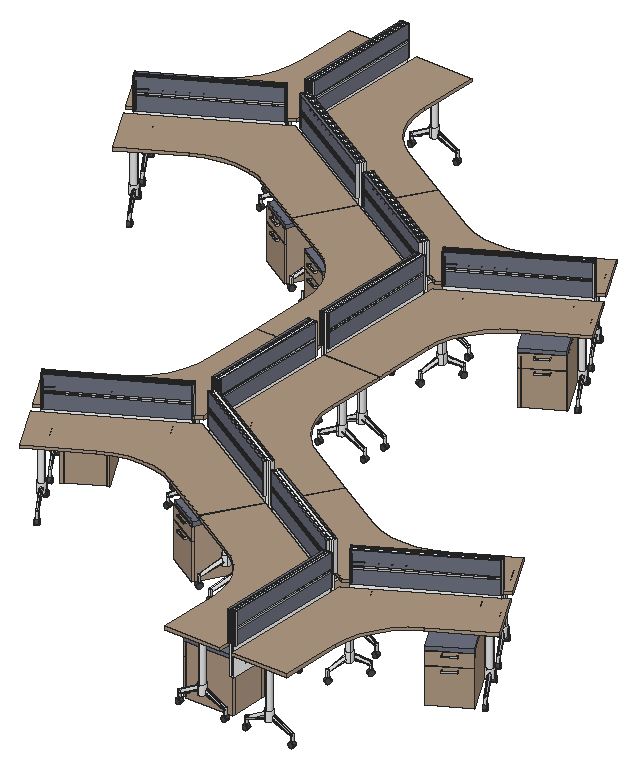
Revit family "T200028", category Furniture, Revit 2013 (continued)
Forms (in)
  Extrusion 193, solid, material "OFS BRANDS INTERMIX WORK Back Coverage Plastic" <- "Back Coverage Material"
    sketch origin (-73.92021, 98.14512, 29.4745) x (-0.866029, 0.499993, 0) y (0, 0, 1)
      loop
        line (20.99537, -11.2245) -> (20.99537, 12.5255) -> (-27.00463, 12.5255) -> (-27.00463, -11.2245) -> (20.99537, -11.2245)
    from -0.9375 to -0.1875
  Extrusion 194, solid, material "OFS BRANDS INTERMIX WORK Tackboard Fabric" <- "Tackboard Material"
    sketch origin (-74.43683, 97.25029, 29.4745) x (-0.866029, 0.499993, 0) y (0, 0, 1)
      loop
        line (21.02662, 6.99425) -> (21.02662, 12.5255) -> (-27.03588, 12.5255) -> (-27.03588, 6.99425) -> (21.02662, 6.99425)
    from -0.66085 to 0.03085
  Extrusion 195, solid, material "OFS BRANDS INTERMIX WORK Tackboard Fabric" <- "Tackboard Material"
    sketch origin (-74.43683, 97.25029, 22.69325) x (-0.866029, 0.499993, 0) y (0, 0, 1)
      loop
        line (20.68752, 6.99425) -> (20.68752, 12.5255) -> (-27.03588, 12.5255) -> (-27.03588, 6.99425) -> (20.68752, 6.99425)
    from -0.66085 to 0.03085
  Extrusion 196, solid, material "OFS BRANDS INTERMIX WORK Conector Metal" <- "Conector Material"
    sketch origin (-95.33774, 111.12358, 0) x (0.866029, -0.499993, 0) y (0.499993, 0.866029, 0)
      loop
        line (51.73413, -2.29012) -> (52.10913, -2.29011) -> (52.10913, -1.46862) -> (51.35913, -1.46862) -> (51.35913, -1.50452) -> (52.07323, -1.50452) -> (52.07323, -2.25422) -> (51.73413, -2.25422) -> (51.73413, -2.29012)
    from 29.74775 to 41.93975
  Extrusion 197, solid, material "OFS BRANDS INTERMIX WORK Tool Rail Metal" <- "Tool Rail Material"
    sketch origin (-95.33774, 111.12358, 0) x (0.499993, 0.866029, 0) y (0, 0, 1)
      loop
        line (-1.53351, 35.21875) -> (-1.53351, 34.46875) -> (-1.46862, 34.46875) -> (-1.46862, 35.29875) -> (-2.15611, 35.29875) -> (-2.15612, 35.70367) -> (-2.04082, 35.70367) -> (-1.85742, 35.59348) -> (-1.70638, 35.84486) -> (-1.85625, 36.09427) -> (-2.04176, 35.9828) -> (-2.15612, 35.9828) -> (-2.15612, 36.38875) -> (-1.46862, 36.38875) -> (-1.46862, 37.21875) -> (-1.53351, 37.21875) -> (-1.53351, 36.46875) -> (-2.23612, 36.46875) -> (-2.23612, 35.9028) -> (-2.01958, 35.9028) -> (-1.88459, 35.98391) -> (-1.80037, 35.84375) -> (-1.88459, 35.70359) -> (-2.01958, 35.78469) -> (-2.23612, 35.78469) -> (-2.23612, 35.21875) -> (-1.53351, 35.21875)
    from 4.01073 to 52.07323
  Extrusion 198, solid, material "OFS BRANDS INTERMIX WORK Conector Metal" <- "Conector Material"
    sketch origin (-46.76738, 83.08199, 0) x (-0.866029, 0.499993, 0) y (-0.499993, -0.866029, 0)
      loop
        line (51.73413, 2.29012) -> (51.73413, 2.25422) -> (52.07323, 2.25422) -> (52.07323, 1.50452) -> (51.35913, 1.50452) -> (51.35913, 1.46862) -> (52.10913, 1.46862) -> (52.10913, 2.29011) -> (51.73413, 2.29012)
    from 29.74775 to 41.93975
  Extrusion 199, solid, material "OFS BRANDS INTERMIX WORK Conector Clip Metal" <- "Conector Clip Material"
    sketch origin (-50.53341, 84.64299, 57.662) x (0, 0, -1) y (0.499993, 0.866029, 0)
      loop
        line (29.787, -2.37745) -> (29.787, -10.34879) -> (29.9745, -10.34879) -> (29.9745, -2.46068) -> (31.27888, -1.1563) -> (36.66201, -1.1563) -> (36.66201, -0.9375) -> (31.22695, -0.9375) -> (29.787, -2.37745)
    from -7.1875 to -5.8125
  Extrusion 200, solid, material "OFS BRANDS INTERMIX WORK Conector Clip Metal" <- "Conector Clip Material"
    sketch origin (-50.53341, 84.64299, 57.662) x (0, 0, -1) y (0.499993, 0.866029, 0)
      loop
        line (35.87689, -1.1563) -> (30.037, -10.49716) -> (30.037, -11.86776) -> (36.66201, -1.1563) -> (35.87689, -1.1563)
    from -6.59375 to -6.40625
  Extrusion 201, solid, material "OFS BRANDS INTERMIX WORK Conector Clip Metal" <- "Conector Clip Material"
    sketch origin (-80.84444, 102.14275, 57.662) x (0, 0, -1) y (0.499993, 0.866029, 0)
      loop
        line (29.787, -2.37745) -> (29.787, -10.34879) -> (29.9745, -10.34879) -> (29.9745, -2.46068) -> (31.27888, -1.1563) -> (36.66201, -1.1563) -> (36.66201, -0.9375) -> (31.22695, -0.9375) -> (29.787, -2.37745)
    from -7.1875 to -5.8125
  Extrusion 202, solid, material "OFS BRANDS INTERMIX WORK Conector Clip Metal" <- "Conector Clip Material"
    sketch origin (-80.84444, 102.14275, 57.662) x (0, 0, -1) y (0.499993, 0.866029, 0)
      loop
        line (35.87689, -1.1563) -> (30.037, -10.49716) -> (30.037, -11.86776) -> (36.66201, -1.1563) -> (35.87689, -1.1563)
    from -6.59375 to -6.40625
  Extrusion 203, solid, material "OFS BRANDS INTERMIX WORK Roll Plastic" <- "Roll Material"
    sketch origin (-53.89053, 82.78051, 29.4745) x (0.499986, 0.866034, 0) y (0, 0, -1)
      loop
        circle (-19.32729, 28.53442) r 0.94008
    from -0.75 to 0.78386
  Extrusion 204, solid, material "OFS BRANDS INTERMIX WORK Roll Plastic" <- "Roll Material"
    sketch origin (-53.89053, 82.78051, 29.4745) x (0.499986, 0.866034, 0) y (0, 0, -1)
      loop
        arc (-18.30139, 28.55034) -> (-18.56665, 27.84584) -> (-19.24135, 27.51201) r 1.02602
        line (-19.24135, 27.51201) -> (-19.24135, 27.59827)
        arc (-19.24135, 27.59827) -> (-19.32729, 27.59434) -> (-19.41323, 27.59827) r 0.94008
        line (-19.41323, 27.59827) -> (-19.41323, 27.51201)
        arc (-19.41323, 27.51201) -> (-20.08257, 27.83996) -> (-20.35331, 28.53442) r 1.02602
        line (-20.35331, 28.53442) -> (-20.43925, 28.53442)
        arc (-20.43925, 28.53442) -> (-20.14338, 27.77914) -> (-19.41323, 27.42579) r 1.11196
        line (-19.41323, 27.42579) -> (-19.41323, 27.09434) -> (-19.24135, 27.09434) -> (-19.24135, 27.42579)
        arc (-19.24135, 27.42579) -> (-18.50581, 27.785) -> (-18.21545, 28.55034) r 1.11196
        line (-18.21545, 28.55034) -> (-18.30139, 28.55034)
    from -0.56728 to 0.61508
  Extrusion 205, solid, material "OFS BRANDS INTERMIX WORK Feet Metal" <- "Feet Material"
    sketch origin (-96.96998, 111.36693, 0) x (-0.866034, 0.499986, 0) y (-0.499986, -0.866034, 0)
      loop
        line (-54.57973, 9.4) -> (-48.57973, 9.4) -> (-48.57973, 17.4) -> (-54.57973, 17.4) -> (-54.57973, 9.4)
    from 27.6875 to 27.87542
  Extrusion 206, solid, material "OFS BRANDS INTERMIX WORK Feet Metal" <- "Feet Material"
    sketch origin (-96.96998, 111.36693, 0) x (-0.866034, 0.499986, 0) y (-0.499986, -0.866034, 0)
      loop
        circle (-51.57876, 13.39995) r 1.14391
    from 10.29161 to 27.6875
  Extrusion 207, solid, material "OFS BRANDS INTERMIX WORK Feet Metal" <- "Feet Material"
    sketch origin (-96.96998, 111.36693, 0) x (-0.866034, 0.499986, 0) y (-0.499986, -0.866034, 0)
      loop
        circle (-51.57876, 13.40165) r 1.51553
    from 6.70403 to 10.29161
  Extrusion 208, solid, material "OFS BRANDS INTERMIX WORK Feet Metal" <- "Feet Material"
    sketch origin (-96.96998, 111.36693, 0) x (-0.866034, 0.499986, 0) y (-0.499986, -0.866034, 0)
      loop
        circle (-51.57715, 22.59884) r 0.43
    from 2.38016 to 4.82597
  SweptBlend 209, solid, material "OFS BRANDS INTERMIX WORK Feet Metal" <- "Feet Material"
    path origin (-96.96998, 111.36693, 0) x (0.499986, 0.866034, 0) y (0, 0, -1)
      loop
        line (-13.40165, -7.14826) -> (-22.60845, -3.84119)
    profile origin (-103.67061, 99.76064, 7.14826) x (-0.169021, -0.292764, 0.941127) y (-0.866034, 0.499986, 0)
      loop
        arc (2.62281, -51.51844) -> (2.58268, -51.39722) -> (2.47816, -51.32389) r 0.20315
        line (2.47816, -51.32389) -> (1.22742, -50.94783)
        arc (1.22742, -50.94783) -> (0.97866, -50.92516) -> (0.7409, -51.00171) r 0.625
        line (0.7409, -51.00171) -> (0.41893, -51.18293)
        arc (0.41893, -51.18293) -> (0.37961, -51.2216) -> (0.36519, -51.27484) r 0.10547
        line (0.36519, -51.27484) -> (0.36519, -51.8808)
        arc (0.36519, -51.8808) -> (0.37972, -51.93444) -> (0.41933, -51.97341) r 0.10627
        line (0.41933, -51.97341) -> (0.74123, -52.15459)
        arc (0.74123, -52.15459) -> (0.97865, -52.23103) -> (1.22705, -52.20839) r 0.6241
        line (1.22705, -52.20839) -> (2.47817, -51.8322)
        arc (2.47817, -51.8322) -> (2.58269, -51.75888) -> (2.62281, -51.63768) r 0.20313
        line (2.62281, -51.63768) -> (2.62281, -51.51844)
    end profile origin (-108.27388, 91.78724, 3.84119) x (-0.169021, -0.292764, 0.941127) y (-0.866034, 0.499986, 0)
      loop
        arc (0.00296, -51.97173) -> (0.47961, -51.92362) -> (0.93193, -51.76575) r 2.04165
        arc (0.93193, -51.76575) -> (1.04882, -51.57876) -> (0.93193, -51.39177) r 0.20801
        arc (0.93193, -51.39177) -> (0.47961, -51.2339) -> (0.00296, -51.18579) r 2.04165
        arc (0.00296, -51.18579) -> (-0.12974, -51.57876) -> (0.00296, -51.97173) r 0.64824
  Extrusion 210, solid, material "OFS BRANDS INTERMIX WORK Roll Plastic" <- "Roll Material"
    sketch origin (-64.07254, 65.14407, 29.4745) x (-0.499986, -0.866034, 0) y (0, 0, 1)
      loop
        circle (-19.32729, -28.53442) r 0.94008
    from -0.75 to 0.78386
  Extrusion 211, solid, material "OFS BRANDS INTERMIX WORK Roll Plastic" <- "Roll Material"
    sketch origin (-64.07254, 65.14407, 29.4745) x (-0.499986, -0.866034, 0) y (0, 0, 1)
      loop
        line (-18.30139, -28.55034) -> (-18.21545, -28.55034)
        arc (-18.21545, -28.55034) -> (-18.50581, -27.785) -> (-19.24135, -27.42579) r 1.11196
        line (-19.24135, -27.42579) -> (-19.24135, -27.09434) -> (-19.41323, -27.09434) -> (-19.41323, -27.42579)
        arc (-19.41323, -27.42579) -> (-20.14338, -27.77914) -> (-20.43925, -28.53442) r 1.11196
        line (-20.43925, -28.53442) -> (-20.35331, -28.53442)
        arc (-20.35331, -28.53442) -> (-20.08257, -27.83996) -> (-19.41323, -27.51201) r 1.02602
        line (-19.41323, -27.51201) -> (-19.41323, -27.59827)
        arc (-19.41323, -27.59827) -> (-19.32729, -27.59434) -> (-19.24135, -27.59827) r 0.94008
        line (-19.24135, -27.59827) -> (-19.24135, -27.51201)
        arc (-19.24135, -27.51201) -> (-18.56665, -27.84584) -> (-18.30139, -28.55034) r 1.02602
    from -0.56728 to 0.61508
  Extrusion 212, solid, material "OFS BRANDS INTERMIX WORK Feet Metal" <- "Feet Material"
    sketch origin (-110.3696, 88.15722, 0) x (-0.866034, 0.499986, 0) y (-0.499986, -0.866034, 0)
      loop
        circle (-51.57715, -22.59884) r 0.43
    from 2.38016 to 4.82597
  SweptBlend 213, solid, material "OFS BRANDS INTERMIX WORK Feet Metal" <- "Feet Material"
    path origin (-110.3696, 88.15722, 0) x (-0.499986, -0.866034, 0) y (0, 0, 1)
      loop
        line (-13.40165, 7.14826) -> (-22.60845, 3.84119)
    profile origin (-103.66896, 99.7635, 7.14826) x (-0.169021, -0.292764, -0.941127) y (-0.866034, 0.499986, 0)
      loop
        line (-2.62281, -51.51844) -> (-2.62281, -51.63768)
        arc (-2.62281, -51.63768) -> (-2.58269, -51.75888) -> (-2.47817, -51.8322) r 0.20313
        line (-2.47817, -51.8322) -> (-1.22705, -52.20839)
        arc (-1.22705, -52.20839) -> (-0.97865, -52.23103) -> (-0.74123, -52.15459) r 0.6241
        line (-0.74123, -52.15459) -> (-0.41933, -51.97341)
        arc (-0.41933, -51.97341) -> (-0.37972, -51.93444) -> (-0.36519, -51.8808) r 0.10627
        line (-0.36519, -51.8808) -> (-0.36519, -51.27484)
        arc (-0.36519, -51.27484) -> (-0.37961, -51.2216) -> (-0.41893, -51.18293) r 0.10547
        line (-0.41893, -51.18293) -> (-0.7409, -51.00171)
        arc (-0.7409, -51.00171) -> (-0.97866, -50.92516) -> (-1.22742, -50.94783) r 0.625
        line (-1.22742, -50.94783) -> (-2.47816, -51.32389)
        arc (-2.47816, -51.32389) -> (-2.58268, -51.39722) -> (-2.62281, -51.51844) r 0.20315
    end profile origin (-99.0657, 107.7369, 3.84119) x (-0.169021, -0.292764, -0.941127) y (-0.866034, 0.499986, 0)
      loop
        arc (-0.00296, -51.97173) -> (0.12974, -51.57876) -> (-0.00296, -51.18579) r 0.64824
        arc (-0.00296, -51.18579) -> (-0.47961, -51.2339) -> (-0.93193, -51.39177) r 2.04165
        arc (-0.93193, -51.39177) -> (-1.04882, -51.57876) -> (-0.93193, -51.76575) r 0.20801
        arc (-0.93193, -51.76575) -> (-0.47961, -51.92362) -> (-0.00296, -51.97173) r 2.04165
  Extrusion 214, solid, material "OFS BRANDS INTERMIX WORK Drawer Front Wood" <- "Drawer Front Material"
    sketch origin (22.27748, 68.10238, -6.96875) x (0.866042, -0.499971, 0) y (0, 0, 1)
      loop
        line (-59.97733, 27.3125) -> (-59.97733, 21.96875) -> (-44.47733, 21.96875) -> (-44.47733, 27.3125) -> (-59.97733, 27.3125)
    from -1.3075 to -0.5575
  Extrusion 215, solid, material "OFS BRANDS INTERMIX WORK Pull Metal" <- "Pull Material"
    sketch origin (24.38349, 102.09179, -10.06825) x (0.866042, -0.499971, 0) y (0.499971, 0.866042, 0)
      loop
        line (-39.43501, -29.18171) -> (-39.43501, -28.42671) -> (-34.68501, -28.42671) -> (-34.68501, -29.18171) -> (-34.43501, -29.18171) -> (-34.43501, -28.17671) -> (-39.68501, -28.17671) -> (-39.68501, -29.18171) -> (-39.43501, -29.18171)
    from 28.9745 to 29.4745
  Extrusion 216, solid, material "OFS BRANDS INTERMIX WORK Drawer Front Wood" <- "Drawer Front Material"
    sketch origin (22.27748, 68.10238, -12.4375) x (0.866042, -0.499971, 0) y (0, 0, 1)
      loop
        line (-59.97733, 27.3125) -> (-59.97733, 13.1875) -> (-44.47733, 13.1875) -> (-44.47733, 27.3125) -> (-59.97733, 27.3125)
    from -1.3075 to -0.5575
  Extrusion 217, solid, material "OFS BRANDS INTERMIX WORK Pull Metal" <- "Pull Material"
    sketch origin (24.38349, 102.09179, -15.537) x (0.866042, -0.499971, 0) y (0.499971, 0.866042, 0)
      loop
        line (-39.43501, -29.18171) -> (-39.43501, -28.42671) -> (-34.68501, -28.42671) -> (-34.68501, -29.18171) -> (-34.43501, -29.18171) -> (-34.43501, -28.17671) -> (-39.68501, -28.17671) -> (-39.68501, -29.18171) -> (-39.43501, -29.18171)
    from 28.9745 to 29.4745
  Extrusion 218, solid, material "OFS BRANDS INTERMIX WORK Chassis Wood" <- "Chassis Material"
    sketch origin (-28.61209, 100.4139, 0) x (0.499971, 0.866042, 0) y (0, 0, -1)
      loop
        line (-1.98233, -0.5) -> (-20.73233, -0.5) -> (-20.73233, -20.4375) -> (-1.98233, -20.4375) -> (-1.98233, -0.5)
    from -1.1875 to -0.1875
  Extrusion 219, solid, material "OFS BRANDS INTERMIX WORK Chassis Wood" <- "Chassis Material"
    sketch origin (-20.0879, 71.33717, 0) x (0.866042, -0.499971, 0) y (0, 0, 1)
      loop
        line (-7.10733, 0.5) -> (-7.10733, 20.4375) -> (-20.73233, 20.4375) -> (-20.73233, 0.5) -> (-7.10733, 0.5)
    from -1.1875 to -0.1875
  Extrusion 220, solid, material "OFS BRANDS INTERMIX WORK Chassis Wood" <- "Chassis Material"
    sketch origin (-14.75542, 92.41437, 0) x (0.499971, 0.866042, 0) y (0, 0, 1)
      loop
        line (-1.98233, 0.5) -> (-1.98233, 20.4375) -> (-20.73233, 20.4375) -> (-20.73233, 0.5) -> (-1.98233, 0.5)
    from -1.1875 to -0.1875
  Extrusion 221, solid, material "OFS BRANDS INTERMIX WORK Cushion Fabric" <- "Cushion Material"
    sketch origin (15.84977, 123.6332, 18.4375) x (0.866042, -0.499971, 0) y (-0.499971, -0.866042, 0)
      loop
        line (-26.70937, 43.82086) -> (-11.08437, 43.82087) -> (-11.08437, 63.07087) -> (-26.70937, 63.07086) -> (-26.70937, 43.82086)
    from -3.5 to -2
  Extrusion 222, solid, material "OFS BRANDS INTERMIX WORK Roll Plastic" <- "Roll Material"
    sketch origin (-26.23944, 100.27158, 29.4745) x (0.499971, 0.866042, 0) y (0, 0, 1)
      loop
        circle (-19.32729, -28.53442) r 0.94008
    from -0.75 to 0.78386
  Extrusion 223, solid, material "OFS BRANDS INTERMIX WORK Roll Plastic" <- "Roll Material"
    sketch origin (-26.23944, 100.27158, 29.4745) x (0.499971, 0.866042, 0) y (0, 0, 1)
      loop
        line (-18.30139, -28.55034) -> (-18.21545, -28.55034)
        arc (-18.21545, -28.55034) -> (-18.50581, -27.785) -> (-19.24135, -27.42579) r 1.11196
        line (-19.24135, -27.42579) -> (-19.24135, -27.09434) -> (-19.41323, -27.09434) -> (-19.41323, -27.42579)
        arc (-19.41323, -27.42579) -> (-20.14338, -27.77914) -> (-20.43925, -28.53442) r 1.11196
        line (-20.43925, -28.53442) -> (-20.35331, -28.53442)
        arc (-20.35331, -28.53442) -> (-20.08257, -27.83996) -> (-19.41323, -27.51201) r 1.02602
        line (-19.41323, -27.51201) -> (-19.41323, -27.59827)
        arc (-19.41323, -27.59827) -> (-19.32729, -27.59434) -> (-19.24135, -27.59827) r 0.94008
        line (-19.24135, -27.59827) -> (-19.24135, -27.51201)
        arc (-19.24135, -27.51201) -> (-18.56665, -27.84584) -> (-18.30139, -28.55034) r 1.02602
    from -0.56728 to 0.61508
  Extrusion 224, solid, material "OFS BRANDS INTERMIX WORK Chassis Wood" <- "Chassis Material"
    sketch origin (-34.88938, 186.45131, -8.30733) x (0.866042, -0.499971, 0) y (0.499971, 0.866042, 0)
      loop
        line (49.64011, -73.35589) -> (49.64011, -91.10589) -> (63.26511, -91.10589) -> (63.26511, -73.35589) -> (49.64011, -73.35589)
    from 10.6875 to 11.75
  Extrusion 225, solid, material "OFS BRANDS INTERMIX WORK Roll Plastic" <- "Roll Material"
    sketch origin (-16.06513, 94.3979, 29.4745) x (0.499971, 0.866042, 0) y (0, 0, -1)
      loop
        circle (-19.32729, 28.53442) r 0.94008
    from -0.75 to 0.78386
  Extrusion 226, solid, material "OFS BRANDS INTERMIX WORK Roll Plastic" <- "Roll Material"
    sketch origin (-16.06513, 94.3979, 29.4745) x (0.499971, 0.866042, 0) y (0, 0, -1)
      loop
        arc (-18.30139, 28.55034) -> (-18.56665, 27.84584) -> (-19.24135, 27.51201) r 1.02602
        line (-19.24135, 27.51201) -> (-19.24135, 27.59827)
        arc (-19.24135, 27.59827) -> (-19.32729, 27.59434) -> (-19.41323, 27.59827) r 0.94008
        line (-19.41323, 27.59827) -> (-19.41323, 27.51201)
        arc (-19.41323, 27.51201) -> (-20.08257, 27.83996) -> (-20.35331, 28.53442) r 1.02602
        line (-20.35331, 28.53442) -> (-20.43925, 28.53442)
        arc (-20.43925, 28.53442) -> (-20.14338, 27.77914) -> (-19.41323, 27.42579) r 1.11196
        line (-19.41323, 27.42579) -> (-19.41323, 27.09434) -> (-19.24135, 27.09434) -> (-19.24135, 27.42579)
        arc (-19.24135, 27.42579) -> (-18.50581, 27.785) -> (-18.21545, 28.55034) r 1.11196
        line (-18.21545, 28.55034) -> (-18.30139, 28.55034)
    from -0.56728 to 0.61508
  Extrusion 227, solid, material "OFS BRANDS INTERMIX WORK Roll Plastic" <- "Roll Material"
    sketch origin (-38.31329, 79.35744, 29.4745) x (-0.499971, -0.866042, 0) y (0, 0, -1)
      loop
        circle (-19.32729, 28.53442) r 0.94008
    from -0.75 to 0.78386
  Extrusion 228, solid, material "OFS BRANDS INTERMIX WORK Roll Plastic" <- "Roll Material"
    sketch origin (-38.31329, 79.35744, 29.4745) x (-0.499971, -0.866042, 0) y (0, 0, -1)
      loop
        arc (-18.30139, 28.55034) -> (-18.56665, 27.84584) -> (-19.24135, 27.51201) r 1.02602
        line (-19.24135, 27.51201) -> (-19.24135, 27.59827)
        arc (-19.24135, 27.59827) -> (-19.32729, 27.59434) -> (-19.41323, 27.59827) r 0.94008
        line (-19.41323, 27.59827) -> (-19.41323, 27.51201)
        arc (-19.41323, 27.51201) -> (-20.08257, 27.83996) -> (-20.35331, 28.53442) r 1.02602
        line (-20.35331, 28.53442) -> (-20.43925, 28.53442)
        arc (-20.43925, 28.53442) -> (-20.14338, 27.77914) -> (-19.41323, 27.42579) r 1.11196
        line (-19.41323, 27.42579) -> (-19.41323, 27.09434) -> (-19.24135, 27.09434) -> (-19.24135, 27.42579)
        arc (-19.24135, 27.42579) -> (-18.50581, 27.785) -> (-18.21545, 28.55034) r 1.11196
        line (-18.21545, 28.55034) -> (-18.30139, 28.55034)
    from -0.56728 to 0.61508
  Extrusion 229, solid, material "OFS BRANDS INTERMIX WORK Roll Plastic" <- "Roll Material"
    sketch origin (-28.13898, 73.48376, 29.4745) x (-0.499971, -0.866042, 0) y (0, 0, 1)
      loop
        circle (-19.32729, -28.53442) r 0.94008
    from -0.75 to 0.78386
  Extrusion 230, solid, material "OFS BRANDS INTERMIX WORK Roll Plastic" <- "Roll Material"
    sketch origin (-28.13898, 73.48376, 29.4745) x (-0.499971, -0.866042, 0) y (0, 0, 1)
      loop
        line (-18.30139, -28.55034) -> (-18.21545, -28.55034)
        arc (-18.21545, -28.55034) -> (-18.50581, -27.785) -> (-19.24135, -27.42579) r 1.11196
        line (-19.24135, -27.42579) -> (-19.24135, -27.09434) -> (-19.41323, -27.09434) -> (-19.41323, -27.42579)
        arc (-19.41323, -27.42579) -> (-20.14338, -27.77914) -> (-20.43925, -28.53442) r 1.11196
        line (-20.43925, -28.53442) -> (-20.35331, -28.53442)
        arc (-20.35331, -28.53442) -> (-20.08257, -27.83996) -> (-19.41323, -27.51201) r 1.02602
        line (-19.41323, -27.51201) -> (-19.41323, -27.59827)
        arc (-19.41323, -27.59827) -> (-19.32729, -27.59434) -> (-19.24135, -27.59827) r 0.94008
        line (-19.24135, -27.59827) -> (-19.24135, -27.51201)
        arc (-19.24135, -27.51201) -> (-18.56665, -27.84584) -> (-18.30139, -28.55034) r 1.02602
    from -0.56728 to 0.61508
  Extrusion 231, solid, material "OFS BRANDS INTERMIX WORK Roll Plastic" <- "Roll Material"
    sketch origin (42.04698, 83.38263, 29.4745) x (0.500028, -0.866009, 0) y (0, 0, 1)
      loop
        circle (-19.32729, -28.53442) r 0.94008
    from -0.75 to 0.78386
  Extrusion 232, solid, material "OFS BRANDS INTERMIX WORK Roll Plastic" <- "Roll Material"
    sketch origin (42.04698, 83.38263, 29.4745) x (0.500028, -0.866009, 0) y (0, 0, 1)
      loop
        line (-18.30139, -28.55034) -> (-18.21545, -28.55034)
        arc (-18.21545, -28.55034) -> (-18.50581, -27.785) -> (-19.24135, -27.42579) r 1.11196
        line (-19.24135, -27.42579) -> (-19.24135, -27.09434) -> (-19.41323, -27.09434) -> (-19.41323, -27.42579)
        arc (-19.41323, -27.42579) -> (-20.14338, -27.77914) -> (-20.43925, -28.53442) r 1.11196
        line (-20.43925, -28.53442) -> (-20.35331, -28.53442)
        arc (-20.35331, -28.53442) -> (-20.08257, -27.83996) -> (-19.41323, -27.51201) r 1.02602
        line (-19.41323, -27.51201) -> (-19.41323, -27.59827)
        arc (-19.41323, -27.59827) -> (-19.32729, -27.59434) -> (-19.24135, -27.59827) r 0.94008
        line (-19.24135, -27.59827) -> (-19.24135, -27.51201)
        arc (-19.24135, -27.51201) -> (-18.56665, -27.84584) -> (-18.30139, -28.55034) r 1.02602
    from -0.56728 to 0.61508
  Extrusion 233, solid, material "OFS BRANDS INTERMIX WORK Feet Metal" <- "Feet Material"
    sketch origin (-1.03105, 54.79408, 0) x (-0.866009, -0.500028, 0) y (0.500028, -0.866009, 0)
      loop
        line (-54.57973, -9.4) -> (-54.57973, -17.4) -> (-48.57973, -17.4) -> (-48.57973, -9.4) -> (-54.57973, -9.4)
    from 27.6875 to 27.87542
  Extrusion 234, solid, material "OFS BRANDS INTERMIX WORK Feet Metal" <- "Feet Material"
    sketch origin (-1.03105, 54.79408, 0) x (-0.866009, -0.500028, 0) y (0.500028, -0.866009, 0)
      loop
        circle (-51.57876, -13.39995) r 1.14391
    from 10.29161 to 27.6875
  Extrusion 235, solid, material "OFS BRANDS INTERMIX WORK Feet Metal" <- "Feet Material"
    sketch origin (-1.03105, 54.79408, 0) x (-0.866009, -0.500028, 0) y (0.500028, -0.866009, 0)
      loop
        circle (-51.57876, -13.40165) r 1.51553
    from 6.70403 to 10.29161
  Extrusion 236, solid, material "OFS BRANDS INTERMIX WORK Feet Metal" <- "Feet Material"
    sketch origin (-1.03105, 54.79408, 0) x (-0.866009, -0.500028, 0) y (0.500028, -0.866009, 0)
      loop
        circle (-51.57715, -22.59884) r 0.43
    from 2.38016 to 4.82597
  SweptBlend 237, solid, material "OFS BRANDS INTERMIX WORK Feet Metal" <- "Feet Material"
    path origin (-1.03105, 54.79408, 0) x (0.500028, -0.866009, 0) y (0, 0, 1)
      loop
        line (-13.40165, 7.14826) -> (-22.60845, 3.84119)
    profile origin (-7.73226, 66.40003, 7.14826) x (0.169036, -0.292756, -0.941127) y (-0.866009, -0.500028, 0)
      loop
        line (-2.62281, -51.51844) -> (-2.62281, -51.63768)
        arc (-2.62281, -51.63768) -> (-2.58269, -51.75888) -> (-2.47817, -51.8322) r 0.20313
        line (-2.47817, -51.8322) -> (-1.22705, -52.20839)
        arc (-1.22705, -52.20839) -> (-0.97865, -52.23103) -> (-0.74123, -52.15459) r 0.6241
        line (-0.74123, -52.15459) -> (-0.41933, -51.97341)
        arc (-0.41933, -51.97341) -> (-0.37972, -51.93444) -> (-0.36519, -51.8808) r 0.10627
        line (-0.36519, -51.8808) -> (-0.36519, -51.27484)
        arc (-0.36519, -51.27484) -> (-0.37961, -51.2216) -> (-0.41893, -51.18293) r 0.10547
        line (-0.41893, -51.18293) -> (-0.7409, -51.00171)
        arc (-0.7409, -51.00171) -> (-0.97866, -50.92516) -> (-1.22742, -50.94783) r 0.625
        line (-1.22742, -50.94783) -> (-2.47816, -51.32389)
        arc (-2.47816, -51.32389) -> (-2.58268, -51.39722) -> (-2.62281, -51.51844) r 0.20315
    end profile origin (-12.33592, 74.3732, 3.84119) x (0.169036, -0.292756, -0.941127) y (-0.866009, -0.500028, 0)
      loop
        arc (-0.00296, -51.97173) -> (0.12974, -51.57876) -> (-0.00296, -51.18579) r 0.64824
        arc (-0.00296, -51.18579) -> (-0.47961, -51.2339) -> (-0.93193, -51.39177) r 2.04165
        arc (-0.93193, -51.39177) -> (-1.04882, -51.57876) -> (-0.93193, -51.76575) r 0.20801
        arc (-0.93193, -51.76575) -> (-0.47961, -51.92362) -> (-0.00296, -51.97173) r 2.04165
  Extrusion 238, solid, material "OFS BRANDS INTERMIX WORK Roll Plastic" <- "Roll Material"
    sketch origin (31.8641, 101.01856, 29.4745) x (-0.500028, 0.866009, 0) y (0, 0, -1)
      loop
        circle (-19.32729, 28.53442) r 0.94008
    from -0.75 to 0.78386
  Extrusion 239, solid, material "OFS BRANDS INTERMIX WORK Roll Plastic" <- "Roll Material"
    sketch origin (31.8641, 101.01856, 29.4745) x (-0.500028, 0.866009, 0) y (0, 0, -1)
      loop
        arc (-18.30139, 28.55034) -> (-18.56665, 27.84584) -> (-19.24135, 27.51201) r 1.02602
        line (-19.24135, 27.51201) -> (-19.24135, 27.59827)
        arc (-19.24135, 27.59827) -> (-19.32729, 27.59434) -> (-19.41323, 27.59827) r 0.94008
        line (-19.41323, 27.59827) -> (-19.41323, 27.51201)
        arc (-19.41323, 27.51201) -> (-20.08257, 27.83996) -> (-20.35331, 28.53442) r 1.02602
        line (-20.35331, 28.53442) -> (-20.43925, 28.53442)
        arc (-20.43925, 28.53442) -> (-20.14338, 27.77914) -> (-19.41323, 27.42579) r 1.11196
        line (-19.41323, 27.42579) -> (-19.41323, 27.09434) -> (-19.24135, 27.09434) -> (-19.24135, 27.42579)
        arc (-19.24135, 27.42579) -> (-18.50581, 27.785) -> (-18.21545, 28.55034) r 1.11196
        line (-18.21545, 28.55034) -> (-18.30139, 28.55034)
    from -0.56728 to 0.61508
  Extrusion 240, solid, material "OFS BRANDS INTERMIX WORK Feet Metal" <- "Feet Material"
    sketch origin (-14.43182, 78.00312, 0) x (-0.866009, -0.500028, 0) y (0.500028, -0.866009, 0)
      loop
        circle (-51.57715, 22.59884) r 0.43
    from 2.38016 to 4.82597
  SweptBlend 241, solid, material "OFS BRANDS INTERMIX WORK Feet Metal" <- "Feet Material"
    path origin (-14.43182, 78.00312, 0) x (-0.500028, 0.866009, 0) y (0, 0, -1)
      loop
        line (-13.40165, -7.14826) -> (-22.60845, -3.84119)
    profile origin (-7.73061, 66.39717, 7.14826) x (0.169036, -0.292756, 0.941127) y (-0.866009, -0.500028, 0)
      loop
        arc (2.62281, -51.51844) -> (2.58268, -51.39722) -> (2.47816, -51.32389) r 0.20315
        line (2.47816, -51.32389) -> (1.22742, -50.94783)
        arc (1.22742, -50.94783) -> (0.97866, -50.92516) -> (0.7409, -51.00171) r 0.625
        line (0.7409, -51.00171) -> (0.41893, -51.18293)
        arc (0.41893, -51.18293) -> (0.37961, -51.2216) -> (0.36519, -51.27484) r 0.10547
        line (0.36519, -51.27484) -> (0.36519, -51.8808)
        arc (0.36519, -51.8808) -> (0.37972, -51.93444) -> (0.41933, -51.97341) r 0.10627
        line (0.41933, -51.97341) -> (0.74123, -52.15459)
        arc (0.74123, -52.15459) -> (0.97865, -52.23103) -> (1.22705, -52.20839) r 0.6241
        line (1.22705, -52.20839) -> (2.47817, -51.8322)
        arc (2.47817, -51.8322) -> (2.58269, -51.75888) -> (2.62281, -51.63768) r 0.20313
        line (2.62281, -51.63768) -> (2.62281, -51.51844)
    end profile origin (-3.12695, 58.424, 3.84119) x (0.169036, -0.292756, 0.941127) y (-0.866009, -0.500028, 0)
      loop
        arc (0.00296, -51.97173) -> (0.47961, -51.92362) -> (0.93193, -51.76575) r 2.04165
        arc (0.93193, -51.76575) -> (1.04882, -51.57876) -> (0.93193, -51.39177) r 0.20801
        arc (0.93193, -51.39177) -> (0.47961, -51.2339) -> (0.00296, -51.18579) r 2.04165
        arc (0.00296, -51.18579) -> (-0.12974, -51.57876) -> (0.00296, -51.97173) r 0.64824
  Extrusion 242, solid, material "OFS BRANDS INTERMIX WORK Top Core Wood" <- "Top Core Material"
    sketch origin (-80.31517, 153.94387, 0) x (0.499971, 0.866042, 0) y (-0.866042, 0.499971, 0)
      loop
        line (3.97134, -144.44683) -> (14.97134, -125.39429) -> (-5.81327, -113.39428)
        arc (-5.81327, -113.39428) -> (-16.7855, -102.41798) -> (-20.79403, -87.42463) r 29.96155
        line (-20.79403, -87.42463) -> (-20.79403, -63.44684) -> (-42.79403, -63.44684) -> (-42.79403, -117.44683) -> (3.97134, -144.44683)
    from 27.87542 to 29.00005
  Extrusion 243, solid, material "OFS BRANDS INTERMIX WORK Feet Metal" <- "Feet Material"
    sketch origin (-13.39556, 14.58223, 0) x (0.000034, -1, 0) y (1, 0.000034, 0)
      loop
        line (-54.57973, 9.4) -> (-48.57973, 9.4) -> (-48.57973, 17.4) -> (-54.57973, 17.4) -> (-54.57973, 9.4)
    from 27.6875 to 27.87542
  Extrusion 244, solid, material "OFS BRANDS INTERMIX WORK Feet Metal" <- "Feet Material"
    sketch origin (-13.39556, 14.58223, 0) x (0.000034, -1, 0) y (1, 0.000034, 0)
      loop
        circle (-51.57876, 13.39995) r 1.14391
    from 10.29161 to 27.6875
  Extrusion 245, solid, material "OFS BRANDS INTERMIX WORK Feet Metal" <- "Feet Material"
    sketch origin (-13.39556, 14.58223, 0) x (0.000034, -1, 0) y (1, 0.000034, 0)
      loop
        circle (-51.57876, 13.40165) r 1.51553
    from 6.70403 to 10.29161
  Extrusion 246, solid, material "OFS BRANDS INTERMIX WORK Roll Plastic" <- "Roll Material"
    sketch origin (12.12434, 66.18415, 29.4745) x (1, 0.000034, 0) y (0, 0, 1)
      loop
        circle (-19.32729, -28.53442) r 0.94008
    from -0.75 to 0.78386
  Extrusion 247, solid, material "OFS BRANDS INTERMIX WORK Roll Plastic" <- "Roll Material"
    sketch origin (12.12434, 66.18415, 29.4745) x (1, 0.000034, 0) y (0, 0, 1)
      loop
        line (-18.30139, -28.55034) -> (-18.21545, -28.55034)
        arc (-18.21545, -28.55034) -> (-18.50581, -27.785) -> (-19.24135, -27.42579) r 1.11196
        line (-19.24135, -27.42579) -> (-19.24135, -27.09434) -> (-19.41323, -27.09434) -> (-19.41323, -27.42579)
        arc (-19.41323, -27.42579) -> (-20.14338, -27.77914) -> (-20.43925, -28.53442) r 1.11196
        line (-20.43925, -28.53442) -> (-20.35331, -28.53442)
        arc (-20.35331, -28.53442) -> (-20.08257, -27.83996) -> (-19.41323, -27.51201) r 1.02602
        line (-19.41323, -27.51201) -> (-19.41323, -27.59827)
        arc (-19.41323, -27.59827) -> (-19.32729, -27.59434) -> (-19.24135, -27.59827) r 0.94008
        line (-19.24135, -27.59827) -> (-19.24135, -27.51201)
        arc (-19.24135, -27.51201) -> (-18.56665, -27.84584) -> (-18.30139, -28.55034) r 1.02602
    from -0.56728 to 0.61508
  Extrusion 248, solid, material "OFS BRANDS INTERMIX WORK Feet Metal" <- "Feet Material"
    sketch origin (15.34378, 14.5832, 0) x (0.000034, -1, 0) y (1, 0.000034, 0)
      loop
        circle (-51.57715, -22.59884) r 0.43
    from 2.38016 to 4.9582
  SweptBlend 249, solid, material "OFS BRANDS INTERMIX WORK Feet Metal" <- "Feet Material"
    path origin (13.40444, 14.58314, 0) x (1, 0.000034, 0) y (0, 0, 1)
      loop
        line (-13.15165, 7.14826) -> (-20.5899, 3.99092)
    profile origin (0.25279, 14.58269, 7.14826) x (0.390731, 0.000013, -0.920505) y (0.000034, -1, 0)
      loop
        line (-2.62281, -51.51844) -> (-2.62281, -51.63768)
        arc (-2.62281, -51.63768) -> (-2.58269, -51.75888) -> (-2.47817, -51.8322) r 0.20313
        line (-2.47817, -51.8322) -> (-1.22705, -52.20839)
        arc (-1.22705, -52.20839) -> (-0.97865, -52.23103) -> (-0.74123, -52.15459) r 0.6241
        line (-0.74123, -52.15459) -> (-0.41933, -51.97341)
        arc (-0.41933, -51.97341) -> (-0.37972, -51.93444) -> (-0.36519, -51.8808) r 0.10627
        line (-0.36519, -51.8808) -> (-0.36519, -51.27484)
        arc (-0.36519, -51.27484) -> (-0.37961, -51.2216) -> (-0.41893, -51.18293) r 0.10547
        line (-0.41893, -51.18293) -> (-0.7409, -51.00171)
        arc (-0.7409, -51.00171) -> (-0.97866, -50.92516) -> (-1.22742, -50.94783) r 0.625
        line (-1.22742, -50.94783) -> (-2.47816, -51.32389)
        arc (-2.47816, -51.32389) -> (-2.58268, -51.39722) -> (-2.62281, -51.51844) r 0.20315
    end profile origin (-7.18546, 14.58244, 3.99092) x (0.390731, 0.000013, -0.920505) y (0.000034, -1, 0)
      loop
        arc (-0.00296, -51.97173) -> (0.12974, -51.57876) -> (-0.00296, -51.18579) r 0.64824
        arc (-0.00296, -51.18579) -> (-0.47961, -51.2339) -> (-0.93193, -51.39177) r 2.04165
        arc (-0.93193, -51.39177) -> (-1.04882, -51.57876) -> (-0.93193, -51.76575) r 0.20801
        arc (-0.93193, -51.76575) -> (-0.47961, -51.92362) -> (-0.00296, -51.97173) r 2.04165
  Extrusion 250, solid, material "OFS BRANDS INTERMIX WORK Roll Plastic" <- "Roll Material"
    sketch origin (-12.11894, 66.18333, 29.4745) x (-1, -0.000034, 0) y (0, 0, -1)
      loop
        circle (-19.32729, 28.53442) r 0.94008
    from -0.75 to 0.78386
  Extrusion 251, solid, material "OFS BRANDS INTERMIX WORK Roll Plastic" <- "Roll Material"
    sketch origin (-12.11894, 66.18333, 29.4745) x (-1, -0.000034, 0) y (0, 0, -1)
      loop
        arc (-18.30139, 28.55034) -> (-18.56665, 27.84584) -> (-19.24135, 27.51201) r 1.02602
        line (-19.24135, 27.51201) -> (-19.24135, 27.59827)
        arc (-19.24135, 27.59827) -> (-19.32729, 27.59434) -> (-19.41323, 27.59827) r 0.94008
        line (-19.41323, 27.59827) -> (-19.41323, 27.51201)
        arc (-19.41323, 27.51201) -> (-20.08257, 27.83996) -> (-20.35331, 28.53442) r 1.02602
        line (-20.35331, 28.53442) -> (-20.43925, 28.53442)
        arc (-20.43925, 28.53442) -> (-20.14338, 27.77914) -> (-19.41323, 27.42579) r 1.11196
        line (-19.41323, 27.42579) -> (-19.41323, 27.09434) -> (-19.24135, 27.09434) -> (-19.24135, 27.42579)
        arc (-19.24135, 27.42579) -> (-18.50581, 27.785) -> (-18.21545, 28.55034) r 1.11196
        line (-18.21545, 28.55034) -> (-18.30139, 28.55034)
    from -0.56728 to 0.61508
  Extrusion 252, solid, material "OFS BRANDS INTERMIX WORK Feet Metal" <- "Feet Material"
    sketch origin (-15.3349, 14.58217, 0) x (0.000034, -1, 0) y (1, 0.000034, 0)
      loop
        circle (-51.57715, 22.59884) r 0.43
    from 2.38016 to 4.9582
  SweptBlend 253, solid, material "OFS BRANDS INTERMIX WORK Feet Metal" <- "Feet Material"
    path origin (-13.39556, 14.58223, 0) x (-1, -0.000034, 0) y (0, 0, -1)
      loop
        line (-13.15165, -7.14826) -> (-20.5899, -3.99092)
    profile origin (-0.24391, 14.58268, 7.14826) x (0.390731, 0.000013, 0.920505) y (0.000034, -1, 0)
      loop
        arc (2.62281, -51.51844) -> (2.58268, -51.39722) -> (2.47816, -51.32389) r 0.20315
        line (2.47816, -51.32389) -> (1.22742, -50.94783)
        arc (1.22742, -50.94783) -> (0.97866, -50.92516) -> (0.7409, -51.00171) r 0.625
        line (0.7409, -51.00171) -> (0.41893, -51.18293)
        arc (0.41893, -51.18293) -> (0.37961, -51.2216) -> (0.36519, -51.27484) r 0.10547
        line (0.36519, -51.27484) -> (0.36519, -51.8808)
        arc (0.36519, -51.8808) -> (0.37972, -51.93444) -> (0.41933, -51.97341) r 0.10627
        line (0.41933, -51.97341) -> (0.74123, -52.15459)
        arc (0.74123, -52.15459) -> (0.97865, -52.23103) -> (1.22705, -52.20839) r 0.6241
        line (1.22705, -52.20839) -> (2.47817, -51.8322)
        arc (2.47817, -51.8322) -> (2.58269, -51.75888) -> (2.62281, -51.63768) r 0.20313
        line (2.62281, -51.63768) -> (2.62281, -51.51844)
    end profile origin (7.19433, 14.58293, 3.99092) x (0.390731, 0.000013, 0.920505) y (0.000034, -1, 0)
      loop
        arc (0.00296, -51.97173) -> (0.47961, -51.92362) -> (0.93193, -51.76575) r 2.04165
        arc (0.93193, -51.76575) -> (1.04882, -51.57876) -> (0.93193, -51.39177) r 0.20801
        arc (0.93193, -51.39177) -> (0.47961, -51.2339) -> (0.00296, -51.18579) r 2.04165
        arc (0.00296, -51.18579) -> (-0.12974, -51.57876) -> (0.00296, -51.97173) r 0.64824
  Extrusion 254, solid, material "OFS BRANDS INTERMIX WORK Back Coverage Plastic" <- "Back Coverage Material"
    sketch origin (22.01806, 68.01703, 29.4745) x (-0.866005, -0.500036, 0) y (0, 0, -1)
      loop
        line (20.99537, 11.2245) -> (-27.00463, 11.2245) -> (-27.00463, -12.5255) -> (20.99537, -12.5255) -> (20.99537, 11.2245)
    from -0.9375 to -0.1875
  Extrusion 255, solid, material "OFS BRANDS INTERMIX WORK Tackboard Fabric" <- "Tackboard Material"
    sketch origin (21.5014, 68.91183, 29.4745) x (-0.866005, -0.500036, 0) y (0, 0, -1)
      loop
        line (21.02662, -6.99425) -> (-27.03588, -6.99425) -> (-27.03588, -12.5255) -> (21.02662, -12.5255) -> (21.02662, -6.99425)
    from -0.66085 to 0.03085
  Extrusion 256, solid, material "OFS BRANDS INTERMIX WORK Tackboard Fabric" <- "Tackboard Material"
    sketch origin (21.5014, 68.91183, 22.69325) x (-0.866005, -0.500036, 0) y (0, 0, -1)
      loop
        line (20.68752, -6.99425) -> (-27.03588, -6.99425) -> (-27.03588, -12.5255) -> (20.68752, -12.5255) -> (20.68752, -6.99425)
    from -0.66085 to 0.03085
  Extrusion 257, solid, material "OFS BRANDS INTERMIX WORK Conector Metal" <- "Conector Material"
    sketch origin (0.60118, 55.03751, 0) x (0.866005, 0.500036, 0) y (-0.500036, 0.866005, 0)
      loop
        line (51.73413, 2.29012) -> (51.73413, 2.25422) -> (52.07323, 2.25422) -> (52.07323, 1.50452) -> (51.35913, 1.50452) -> (51.35913, 1.46862) -> (52.10913, 1.46862) -> (52.10913, 2.29011) -> (51.73413, 2.29012)
    from 29.74775 to 41.93975
  Extrusion 258, solid, material "OFS BRANDS INTERMIX WORK Tool Rail Metal" <- "Tool Rail Material"
    sketch origin (0.60118, 55.03751, 0) x (0.500036, -0.866005, 0) y (0, 0, -1)
      loop
        line (-1.53351, -35.21875) -> (-2.23612, -35.21875) -> (-2.23612, -35.78469) -> (-2.01958, -35.78469) -> (-1.88459, -35.70359) -> (-1.80037, -35.84375) -> (-1.88459, -35.98391) -> (-2.01958, -35.9028) -> (-2.23612, -35.9028) -> (-2.23612, -36.46875) -> (-1.53351, -36.46875) -> (-1.53351, -37.21875) -> (-1.46862, -37.21875) -> (-1.46862, -36.38875) -> (-2.15612, -36.38875) -> (-2.15612, -35.9828) -> (-2.04176, -35.9828) -> (-1.85625, -36.09427) -> (-1.70638, -35.84486) -> (-1.85742, -35.59348) -> (-2.04082, -35.70367) -> (-2.15612, -35.70367) -> (-2.15611, -35.29875) -> (-1.46862, -35.29875) -> (-1.46862, -34.46875) -> (-1.53351, -34.46875) -> (-1.53351, -35.21875)
    from 4.01073 to 52.07323
  Extrusion 259, solid, material "OFS BRANDS INTERMIX WORK Conector Metal" <- "Conector Material"
    sketch origin (49.17014, 83.0815, 0) x (-0.866005, -0.500036, 0) y (0.500036, -0.866005, 0)
      loop
        line (51.73413, -2.29012) -> (52.10913, -2.29011) -> (52.10913, -1.46862) -> (51.35913, -1.46862) -> (51.35913, -1.50452) -> (52.07323, -1.50452) -> (52.07323, -2.25422) -> (51.73413, -2.25422) -> (51.73413, -2.29012)
    from 29.74775 to 41.93975
  Extrusion 260, solid, material "OFS BRANDS INTERMIX WORK Conector Clip Metal" <- "Conector Clip Material"
    sketch origin (45.4042, 81.52031, 57.662) x (0, 0, -1) y (-0.500036, 0.866005, 0)
      loop
        line (29.787, 2.37745) -> (31.22695, 0.9375) -> (36.66201, 0.9375) -> (36.66201, 1.1563) -> (31.27888, 1.1563) -> (29.9745, 2.46068) -> (29.9745, 10.34879) -> (29.787, 10.34879) -> (29.787, 2.37745)
    from -7.1875 to -5.8125
  Extrusion 261, solid, material "OFS BRANDS INTERMIX WORK Conector Clip Metal" <- "Conector Clip Material"
    sketch origin (45.4042, 81.52031, 57.662) x (0, 0, -1) y (-0.500036, 0.866005, 0)
      loop
        line (35.87689, 1.1563) -> (36.66201, 1.1563) -> (30.037, 11.86776) -> (30.037, 10.49716) -> (35.87689, 1.1563)
    from -6.59375 to -6.40625
  Extrusion 262, solid, material "OFS BRANDS INTERMIX WORK Conector Clip Metal" <- "Conector Clip Material"
    sketch origin (15.09404, 64.01906, 57.662) x (0, 0, -1) y (-0.500036, 0.866005, 0)
      loop
        line (29.787, 2.37745) -> (31.22695, 0.9375) -> (36.66201, 0.9375) -> (36.66201, 1.1563) -> (31.27888, 1.1563) -> (29.9745, 2.46068) -> (29.9745, 10.34879) -> (29.787, 10.34879) -> (29.787, 2.37745)
    from -7.1875 to -5.8125
  Extrusion 263, solid, material "OFS BRANDS INTERMIX WORK Conector Clip Metal" <- "Conector Clip Material"
    sketch origin (15.09404, 64.01906, 57.662) x (0, 0, -1) y (-0.500036, 0.866005, 0)
      loop
        line (35.87689, 1.1563) -> (36.66201, 1.1563) -> (30.037, 11.86776) -> (30.037, 10.49716) -> (35.87689, 1.1563)
    from -6.59375 to -6.40625
  Extrusion 264, solid, material "OFS BRANDS INTERMIX WORK Back Coverage Plastic" <- "Back Coverage Material"
    sketch origin (-22.0128, 68.01556, 29.4745) x (0.866038, -0.499978, 0) y (0, 0, 1)
      loop
        line (20.99537, -11.2245) -> (20.99537, 12.5255) -> (-27.00463, 12.5255) -> (-27.00463, -11.2245) -> (20.99537, -11.2245)
    from -0.9375 to -0.1875
  Extrusion 265, solid, material "OFS BRANDS INTERMIX WORK Tackboard Fabric" <- "Tackboard Material"
    sketch origin (-21.4962, 68.9104, 29.4745) x (0.866038, -0.499978, 0) y (0, 0, 1)
      loop
        line (21.02662, 6.99425) -> (21.02662, 12.5255) -> (-27.03588, 12.5255) -> (-27.03588, 6.99425) -> (21.02662, 6.99425)
    from -0.66085 to 0.03085
  Extrusion 266, solid, material "OFS BRANDS INTERMIX WORK Tackboard Fabric" <- "Tackboard Material"
    sketch origin (-21.4962, 68.9104, 22.69325) x (0.866038, -0.499978, 0) y (0, 0, 1)
      loop
        line (20.68752, 6.99425) -> (20.68752, 12.5255) -> (-27.03588, 12.5255) -> (-27.03588, 6.99425) -> (20.68752, 6.99425)
    from -0.66085 to 0.03085
  Extrusion 267, solid, material "OFS BRANDS INTERMIX WORK Conector Metal" <- "Conector Material"
    sketch origin (-0.59505, 55.03747, 0) x (-0.866038, 0.499978, 0) y (-0.499978, -0.866038, 0)
      loop
        line (51.73413, -2.29012) -> (52.10913, -2.29011) -> (52.10913, -1.46862) -> (51.35913, -1.46862) -> (51.35913, -1.50452) -> (52.07323, -1.50452) -> (52.07323, -2.25422) -> (51.73413, -2.25422) -> (51.73413, -2.29012)
    from 29.74775 to 41.93975
  Extrusion 268, solid, material "OFS BRANDS INTERMIX WORK Tool Rail Metal" <- "Tool Rail Material"
    sketch origin (-0.59505, 55.03747, 0) x (-0.499978, -0.866038, 0) y (0, 0, 1)
      loop
        line (-1.53351, 35.21875) -> (-1.53351, 34.46875) -> (-1.46862, 34.46875) -> (-1.46862, 35.29875) -> (-2.15611, 35.29875) -> (-2.15612, 35.70367) -> (-2.04082, 35.70367) -> (-1.85742, 35.59348) -> (-1.70638, 35.84486) -> (-1.85625, 36.09427) -> (-2.04176, 35.9828) -> (-2.15612, 35.9828) -> (-2.15612, 36.38875) -> (-1.46862, 36.38875) -> (-1.46862, 37.21875) -> (-1.53351, 37.21875) -> (-1.53351, 36.46875) -> (-2.23612, 36.46875) -> (-2.23612, 35.9028) -> (-2.01958, 35.9028) -> (-1.88459, 35.98391) -> (-1.80037, 35.84375) -> (-1.88459, 35.70359) -> (-2.01958, 35.78469) -> (-2.23612, 35.78469) -> (-2.23612, 35.21875) -> (-1.53351, 35.21875)
    from 4.01073 to 52.07323
  Extrusion 269, solid, material "OFS BRANDS INTERMIX WORK Conector Metal" <- "Conector Material"
    sketch origin (-49.16588, 83.07823, 0) x (0.866038, -0.499978, 0) y (0.499978, 0.866038, 0)
      loop
        line (51.73413, 2.29012) -> (51.73413, 2.25422) -> (52.07323, 2.25422) -> (52.07323, 1.50452) -> (51.35913, 1.50452) -> (51.35913, 1.46862) -> (52.10913, 1.46862) -> (52.10913, 2.29011) -> (51.73413, 2.29012)
    from 29.74775 to 41.93975
  Extrusion 270, solid, material "OFS BRANDS INTERMIX WORK Conector Clip Metal" <- "Conector Clip Material"
    sketch origin (-45.39983, 81.51729, 57.662) x (0, 0, -1) y (-0.499978, -0.866038, 0)
      loop
        line (29.787, -2.37745) -> (29.787, -10.34879) -> (29.9745, -10.34879) -> (29.9745, -2.46068) -> (31.27888, -1.1563) -> (36.66201, -1.1563) -> (36.66201, -0.9375) -> (31.22695, -0.9375) -> (29.787, -2.37745)
    from -7.1875 to -5.8125
  Extrusion 271, solid, material "OFS BRANDS INTERMIX WORK Conector Clip Metal" <- "Conector Clip Material"
    sketch origin (-45.39983, 81.51729, 57.662) x (0, 0, -1) y (-0.499978, -0.866038, 0)
      loop
        line (35.87689, -1.1563) -> (30.037, -10.49716) -> (30.037, -11.86776) -> (36.66201, -1.1563) -> (35.87689, -1.1563)
    from -6.59375 to -6.40625
  Extrusion 272, solid, material "OFS BRANDS INTERMIX WORK Conector Clip Metal" <- "Conector Clip Material"
    sketch origin (-15.0885, 64.01805, 57.662) x (0, 0, -1) y (-0.499978, -0.866038, 0)
      loop
        line (29.787, -2.37745) -> (29.787, -10.34879) -> (29.9745, -10.34879) -> (29.9745, -2.46068) -> (31.27888, -1.1563) -> (36.66201, -1.1563) -> (36.66201, -0.9375) -> (31.22695, -0.9375) -> (29.787, -2.37745)
    from -7.1875 to -5.8125
  Extrusion 273, solid, material "OFS BRANDS INTERMIX WORK Conector Clip Metal" <- "Conector Clip Material"
    sketch origin (-15.0885, 64.01805, 57.662) x (0, 0, -1) y (-0.499978, -0.866038, 0)
      loop
        line (35.87689, -1.1563) -> (30.037, -10.49716) -> (30.037, -11.86776) -> (36.66201, -1.1563) -> (35.87689, -1.1563)
    from -6.59375 to -6.40625
  Extrusion 274, solid, material "OFS BRANDS INTERMIX WORK Roll Plastic" <- "Roll Material"
    sketch origin (-42.04274, 83.37983, 29.4745) x (-0.499971, -0.866042, 0) y (0, 0, -1)
      loop
        circle (-19.32729, 28.53442) r 0.94008
    from -0.75 to 0.78386
  Extrusion 275, solid, material "OFS BRANDS INTERMIX WORK Roll Plastic" <- "Roll Material"
    sketch origin (-42.04274, 83.37983, 29.4745) x (-0.499971, -0.866042, 0) y (0, 0, -1)
      loop
        arc (-18.30139, 28.55034) -> (-18.56665, 27.84584) -> (-19.24135, 27.51201) r 1.02602
        line (-19.24135, 27.51201) -> (-19.24135, 27.59827)
        arc (-19.24135, 27.59827) -> (-19.32729, 27.59434) -> (-19.41323, 27.59827) r 0.94008
        line (-19.41323, 27.59827) -> (-19.41323, 27.51201)
        arc (-19.41323, 27.51201) -> (-20.08257, 27.83996) -> (-20.35331, 28.53442) r 1.02602
        line (-20.35331, 28.53442) -> (-20.43925, 28.53442)
        arc (-20.43925, 28.53442) -> (-20.14338, 27.77914) -> (-19.41323, 27.42579) r 1.11196
        line (-19.41323, 27.42579) -> (-19.41323, 27.09434) -> (-19.24135, 27.09434) -> (-19.24135, 27.42579)
        arc (-19.24135, 27.42579) -> (-18.50581, 27.785) -> (-18.21545, 28.55034) r 1.11196
        line (-18.21545, 28.55034) -> (-18.30139, 28.55034)
    from -0.56728 to 0.61508
  Extrusion 276, solid, material "OFS BRANDS INTERMIX WORK Feet Metal" <- "Feet Material"
    sketch origin (1.0372, 54.79415, 0) x (0.866042, -0.499971, 0) y (0.499971, 0.866042, 0)
      loop
        line (-54.57973, 9.4) -> (-48.57973, 9.4) -> (-48.57973, 17.4) -> (-54.57973, 17.4) -> (-54.57973, 9.4)
    from 27.6875 to 27.87542
  Extrusion 277, solid, material "OFS BRANDS INTERMIX WORK Feet Metal" <- "Feet Material"
    sketch origin (1.0372, 54.79415, 0) x (0.866042, -0.499971, 0) y (0.499971, 0.866042, 0)
      loop
        circle (-51.57876, 13.39995) r 1.14391
    from 10.29161 to 27.6875
  Extrusion 278, solid, material "OFS BRANDS INTERMIX WORK Feet Metal" <- "Feet Material"
    sketch origin (1.0372, 54.79415, 0) x (0.866042, -0.499971, 0) y (0.499971, 0.866042, 0)
      loop
        circle (-51.57876, 13.40165) r 1.51553
    from 6.70403 to 10.29161
  Extrusion 279, solid, material "OFS BRANDS INTERMIX WORK Feet Metal" <- "Feet Material"
    sketch origin (1.0372, 54.79415, 0) x (0.866042, -0.499971, 0) y (0.499971, 0.866042, 0)
      loop
        circle (-51.57715, 22.59884) r 0.43
    from 2.38016 to 4.82597
  SweptBlend 280, solid, material "OFS BRANDS INTERMIX WORK Feet Metal" <- "Feet Material"
    path origin (1.0372, 54.79415, 0) x (-0.499971, -0.866042, 0) y (0, 0, -1)
      loop
        line (-13.40165, -7.14826) -> (-22.60845, -3.84119)
    profile origin (7.73763, 66.40054, 7.14826) x (0.169016, 0.292767, 0.941127) y (0.866042, -0.499971, 0)
      loop
        arc (2.62281, -51.51844) -> (2.58268, -51.39722) -> (2.47816, -51.32389) r 0.20315
        line (2.47816, -51.32389) -> (1.22742, -50.94783)
        arc (1.22742, -50.94783) -> (0.97866, -50.92516) -> (0.7409, -51.00171) r 0.625
        line (0.7409, -51.00171) -> (0.41893, -51.18293)
        arc (0.41893, -51.18293) -> (0.37961, -51.2216) -> (0.36519, -51.27484) r 0.10547
        line (0.36519, -51.27484) -> (0.36519, -51.8808)
        arc (0.36519, -51.8808) -> (0.37972, -51.93444) -> (0.41933, -51.97341) r 0.10627
        line (0.41933, -51.97341) -> (0.74123, -52.15459)
        arc (0.74123, -52.15459) -> (0.97865, -52.23103) -> (1.22705, -52.20839) r 0.6241
        line (1.22705, -52.20839) -> (2.47817, -51.8322)
        arc (2.47817, -51.8322) -> (2.58269, -51.75888) -> (2.62281, -51.63768) r 0.20313
        line (2.62281, -51.63768) -> (2.62281, -51.51844)
    end profile origin (12.34076, 74.37402, 3.84119) x (0.169016, 0.292767, 0.941127) y (0.866042, -0.499971, 0)
      loop
        arc (0.00296, -51.97173) -> (0.47961, -51.92362) -> (0.93193, -51.76575) r 2.04165
        arc (0.93193, -51.76575) -> (1.04882, -51.57876) -> (0.93193, -51.39177) r 0.20801
        arc (0.93193, -51.39177) -> (0.47961, -51.2339) -> (0.00296, -51.18579) r 2.04165
        arc (0.00296, -51.18579) -> (-0.12974, -51.57876) -> (0.00296, -51.97173) r 0.64824
  Extrusion 281, solid, material "OFS BRANDS INTERMIX WORK Roll Plastic" <- "Roll Material"
    sketch origin (-31.86103, 101.01644, 29.4745) x (0.499971, 0.866042, 0) y (0, 0, 1)
      loop
        circle (-19.32729, -28.53442) r 0.94008
    from -0.75 to 0.78386
  Extrusion 282, solid, material "OFS BRANDS INTERMIX WORK Roll Plastic" <- "Roll Material"
    sketch origin (-31.86103, 101.01644, 29.4745) x (0.499971, 0.866042, 0) y (0, 0, 1)
      loop
        line (-18.30139, -28.55034) -> (-18.21545, -28.55034)
        arc (-18.21545, -28.55034) -> (-18.50581, -27.785) -> (-19.24135, -27.42579) r 1.11196
        line (-19.24135, -27.42579) -> (-19.24135, -27.09434) -> (-19.41323, -27.09434) -> (-19.41323, -27.42579)
        arc (-19.41323, -27.42579) -> (-20.14338, -27.77914) -> (-20.43925, -28.53442) r 1.11196
        line (-20.43925, -28.53442) -> (-20.35331, -28.53442)
        arc (-20.35331, -28.53442) -> (-20.08257, -27.83996) -> (-19.41323, -27.51201) r 1.02602
        line (-19.41323, -27.51201) -> (-19.41323, -27.59827)
        arc (-19.41323, -27.59827) -> (-19.32729, -27.59434) -> (-19.24135, -27.59827) r 0.94008
        line (-19.24135, -27.59827) -> (-19.24135, -27.51201)
        arc (-19.24135, -27.51201) -> (-18.56665, -27.84584) -> (-18.30139, -28.55034) r 1.02602
    from -0.56728 to 0.61508
  Extrusion 283, solid, material "OFS BRANDS INTERMIX WORK Feet Metal" <- "Feet Material"
    sketch origin (14.43642, 78.00408, 0) x (0.866042, -0.499971, 0) y (0.499971, 0.866042, 0)
      loop
        circle (-51.57715, -22.59884) r 0.43
    from 2.38016 to 4.82597
  SweptBlend 284, solid, material "OFS BRANDS INTERMIX WORK Feet Metal" <- "Feet Material"
    path origin (14.43642, 78.00408, 0) x (0.499971, 0.866042, 0) y (0, 0, 1)
      loop
        line (-13.40165, 7.14826) -> (-22.60845, 3.84119)
    profile origin (7.73598, 66.39768, 7.14826) x (0.169016, 0.292767, -0.941127) y (0.866042, -0.499971, 0)
      loop
        line (-2.62281, -51.51844) -> (-2.62281, -51.63768)
        arc (-2.62281, -51.63768) -> (-2.58269, -51.75888) -> (-2.47817, -51.8322) r 0.20313
        line (-2.47817, -51.8322) -> (-1.22705, -52.20839)
        arc (-1.22705, -52.20839) -> (-0.97865, -52.23103) -> (-0.74123, -52.15459) r 0.6241
        line (-0.74123, -52.15459) -> (-0.41933, -51.97341)
        arc (-0.41933, -51.97341) -> (-0.37972, -51.93444) -> (-0.36519, -51.8808) r 0.10627
        line (-0.36519, -51.8808) -> (-0.36519, -51.27484)
        arc (-0.36519, -51.27484) -> (-0.37961, -51.2216) -> (-0.41893, -51.18293) r 0.10547
        line (-0.41893, -51.18293) -> (-0.7409, -51.00171)
        arc (-0.7409, -51.00171) -> (-0.97866, -50.92516) -> (-1.22742, -50.94783) r 0.625
        line (-1.22742, -50.94783) -> (-2.47816, -51.32389)
        arc (-2.47816, -51.32389) -> (-2.58268, -51.39722) -> (-2.62281, -51.51844) r 0.20315
    end profile origin (3.13285, 58.42421, 3.84119) x (0.169016, 0.292767, -0.941127) y (0.866042, -0.499971, 0)
      loop
        arc (-0.00296, -51.97173) -> (0.12974, -51.57876) -> (-0.00296, -51.18579) r 0.64824
        arc (-0.00296, -51.18579) -> (-0.47961, -51.2339) -> (-0.93193, -51.39177) r 2.04165
        arc (-0.93193, -51.39177) -> (-1.04882, -51.57876) -> (-0.93193, -51.76575) r 0.20801
        arc (-0.93193, -51.76575) -> (-0.47961, -51.92362) -> (-0.00296, -51.97173) r 2.04165
  Extrusion 285, solid, material "OFS BRANDS INTERMIX WORK Drawer Front Wood" <- "Drawer Front Material"
    sketch origin (-0.12543, 29.7356, -6.96875) x (-0.866009, -0.500029, 0) y (0, 0, 1)
      loop
        line (-59.97733, 27.3125) -> (-59.97733, 21.96875) -> (-44.47733, 21.96875) -> (-44.47733, 27.3125) -> (-59.97733, 27.3125)
    from -1.3075 to -0.5575
  Extrusion 286, solid, material "OFS BRANDS INTERMIX WORK Pull Metal" <- "Pull Material"
    sketch origin (28.25725, 10.91704, -10.06825) x (-0.866009, -0.500029, 0) y (0.500029, -0.866009, 0)
      loop
        line (-39.43501, -29.18171) -> (-39.43501, -28.42671) -> (-34.68501, -28.42671) -> (-34.68501, -29.18171) -> (-34.43501, -29.18171) -> (-34.43501, -28.17671) -> (-39.68501, -28.17671) -> (-39.68501, -29.18171) -> (-39.43501, -29.18171)
    from 28.9745 to 29.4745
  Extrusion 287, solid, material "OFS BRANDS INTERMIX WORK Drawer Front Wood" <- "Drawer Front Material"
    sketch origin (-0.12543, 29.7356, -12.4375) x (-0.866009, -0.500029, 0) y (0, 0, 1)
      loop
        line (-59.97733, 27.3125) -> (-59.97733, 13.1875) -> (-44.47733, 13.1875) -> (-44.47733, 27.3125) -> (-59.97733, 27.3125)
    from -1.3075 to -0.5575
  Extrusion 288, solid, material "OFS BRANDS INTERMIX WORK Pull Metal" <- "Pull Material"
    sketch origin (28.25725, 10.91704, -15.537) x (-0.866009, -0.500029, 0) y (0.500029, -0.866009, 0)
      loop
        line (-39.43501, -29.18171) -> (-39.43501, -28.42671) -> (-34.68501, -28.42671) -> (-34.68501, -29.18171) -> (-34.43501, -29.18171) -> (-34.43501, -28.17671) -> (-39.68501, -28.17671) -> (-39.68501, -29.18171) -> (-39.43501, -29.18171)
    from 28.9745 to 29.4745
  Extrusion 289, solid, material "OFS BRANDS INTERMIX WORK Chassis Wood" <- "Chassis Material"
    sketch origin (53.30195, 57.6515, 0) x (0.500029, -0.866009, 0) y (0, 0, -1)
      loop
        line (-1.98233, -0.5) -> (-20.73233, -0.5) -> (-20.73233, -20.4375) -> (-1.98233, -20.4375) -> (-1.98233, -0.5)
    from -1.1875 to -0.1875
  Extrusion 290, solid, material "OFS BRANDS INTERMIX WORK Chassis Wood" <- "Chassis Material"
    sketch origin (23.85866, 64.80771, 0) x (-0.866009, -0.500029, 0) y (0, 0, 1)
      loop
        line (-7.10733, 0.5) -> (-7.10733, 20.4375) -> (-20.73233, 20.4375) -> (-20.73233, 0.5) -> (-7.10733, 0.5)
    from -1.1875 to -0.1875
  Extrusion 291, solid, material "OFS BRANDS INTERMIX WORK Chassis Wood" <- "Chassis Material"
    sketch origin (39.44581, 49.65104, 0) x (0.500029, -0.866009, 0) y (0, 0, 1)
      loop
        line (-1.98233, 0.5) -> (-1.98233, 20.4375) -> (-20.73233, 20.4375) -> (-20.73233, 0.5) -> (-1.98233, 0.5)
    from -1.1875 to -0.1875
